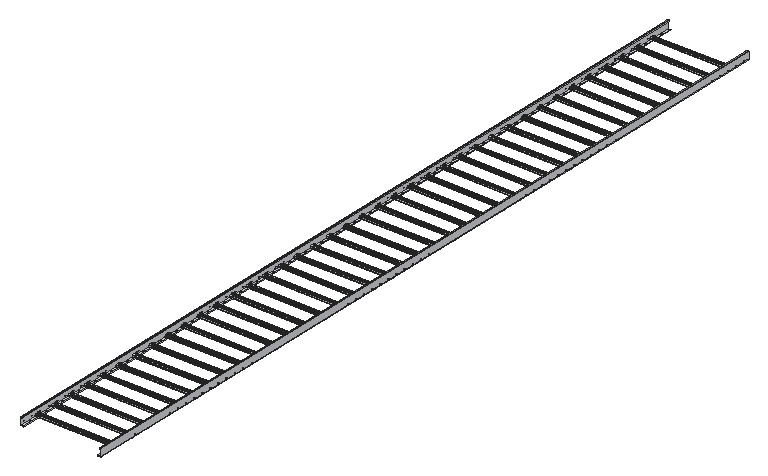
Revit family "Kabelleiter LG 60, 6 m VS FT", category Generic Models, Revit 2017 (continued)
Dimensions and locks
  locked: Extrusion 913 sketch curve to plane 2316 at 8.5
  locked: plane 2318 to plane 2317 at 57.5
  locked: Extrusion 914 sketch curve to Extrusion 914 sketch curve at 11
  locked: plane 2317 to Extrusion 914 sketch curve at 5.5
  locked: Extrusion 914 sketch curve to plane 2319 at 8.5
  locked: plane 2321 to plane 2320 at 57.5
  locked: Extrusion 915 sketch curve to Extrusion 915 sketch curve at 11
  locked: plane 2320 to Extrusion 915 sketch curve at 5.5
  locked: Extrusion 915 sketch curve to plane 2322 at 8.5
  locked: plane 2324 to plane 2323 at 57.5
  locked: Extrusion 916 sketch curve to Extrusion 916 sketch curve at 11
  locked: plane 2323 to Extrusion 916 sketch curve at 5.5
  locked: Extrusion 916 sketch curve to plane 2325 at 8.5
  locked: plane 2327 to plane 2326 at 57.5
  locked: Extrusion 917 sketch curve to Extrusion 917 sketch curve at 11
  locked: plane 2326 to Extrusion 917 sketch curve at 5.5
  locked: Extrusion 917 sketch curve to plane 2328 at 8.5
  locked: plane 2330 to plane 2329 at 57.5
  locked: Extrusion 918 sketch curve to Extrusion 918 sketch curve at 11
  locked: plane 2329 to Extrusion 918 sketch curve at 5.5
  locked: Extrusion 918 sketch curve to plane 2331 at 8.5
  locked: plane 2333 to plane 2332 at 57.5
  locked: Extrusion 919 sketch curve to Extrusion 919 sketch curve at 11
  locked: plane 2332 to Extrusion 919 sketch curve at 5.5
  locked: Extrusion 919 sketch curve to plane 2334 at 8.5
  locked: plane 2336 to plane 2335 at 57.5
  locked: Extrusion 920 sketch curve to Extrusion 920 sketch curve at 11
  locked: plane 2335 to Extrusion 920 sketch curve at 5.5
  locked: Extrusion 920 sketch curve to plane 2337 at 8.5
  locked: plane 2339 to plane 2338 at 57.5
  locked: Extrusion 921 sketch curve to Extrusion 921 sketch curve at 11
  locked: plane 2338 to Extrusion 921 sketch curve at 5.5
  locked: Extrusion 921 sketch curve to plane 2340 at 8.5
  locked: plane 2342 to plane 2341 at 57.5
  locked: Extrusion 922 sketch curve to Extrusion 922 sketch curve at 11
  locked: plane 2341 to Extrusion 922 sketch curve at 5.5
  locked: Extrusion 922 sketch curve to plane 2343 at 8.5
  locked: plane 2345 to plane 2344 at 57.5
  locked: Extrusion 923 sketch curve to Extrusion 923 sketch curve at 11
  locked: plane 2344 to Extrusion 923 sketch curve at 5.5
  locked: Extrusion 923 sketch curve to plane 2346 at 8.5
  locked: plane 2348 to plane 2347 at 57.5
  locked: Extrusion 924 sketch curve to Extrusion 924 sketch curve at 11
  locked: plane 2347 to Extrusion 924 sketch curve at 5.5
  locked: Extrusion 924 sketch curve to plane 2349 at 8.5
  locked: plane 2351 to plane 2350 at 57.5
  locked: Extrusion 925 sketch curve to Extrusion 925 sketch curve at 11
  locked: plane 2350 to Extrusion 925 sketch curve at 5.5
  locked: Extrusion 925 sketch curve to plane 2352 at 8.5
  locked: plane 2354 to plane 2353 at 57.5
  locked: Extrusion 926 sketch curve to Extrusion 926 sketch curve at 11
  locked: plane 2353 to Extrusion 926 sketch curve at 5.5
  locked: Extrusion 926 sketch curve to plane 2355 at 8.5
  locked: plane 2357 to plane 2356 at 57.5
  locked: Extrusion 927 sketch curve to Extrusion 927 sketch curve at 11
  locked: plane 2356 to Extrusion 927 sketch curve at 5.5
  locked: Extrusion 927 sketch curve to plane 2358 at 8.5
  locked: plane 2360 to plane 2359 at 57.5
  locked: Extrusion 928 sketch curve to Extrusion 928 sketch curve at 11
  locked: plane 2359 to Extrusion 928 sketch curve at 5.5
  locked: Extrusion 928 sketch curve to plane 2361 at 8.5
  locked: plane 2363 to plane 2362 at 57.5
  locked: Extrusion 929 sketch curve to Extrusion 929 sketch curve at 11
  locked: plane 2362 to Extrusion 929 sketch curve at 5.5
  locked: Extrusion 929 sketch curve to plane 2364 at 8.5
  locked: plane 2366 to plane 2365 at 57.5
  locked: Extrusion 930 sketch curve to Extrusion 930 sketch curve at 11
  locked: plane 2365 to Extrusion 930 sketch curve at 5.5
  locked: Extrusion 930 sketch curve to plane 2367 at 8.5
  locked: plane 2369 to plane 2368 at 57.5
  locked: Extrusion 931 sketch curve to Extrusion 931 sketch curve at 11
  locked: plane 2368 to Extrusion 931 sketch curve at 5.5
  locked: Extrusion 931 sketch curve to plane 2370 at 8.5
  locked: plane 2372 to plane 2371 at 57.5
  locked: Extrusion 932 sketch curve to Extrusion 932 sketch curve at 11
  locked: plane 2371 to Extrusion 932 sketch curve at 5.5
  locked: Extrusion 932 sketch curve to plane 2373 at 8.5
  locked: plane 2375 to plane 2374 at 57.5
  locked: Extrusion 933 sketch curve to Extrusion 933 sketch curve at 11
  locked: plane 2374 to Extrusion 933 sketch curve at 5.5
  locked: Extrusion 933 sketch curve to plane 2376 at 8.5
  locked: plane 2378 to plane 2377 at 57.5
  locked: Extrusion 934 sketch curve to Extrusion 934 sketch curve at 11
  locked: plane 2377 to Extrusion 934 sketch curve at 5.5
  locked: Extrusion 934 sketch curve to plane 2379 at 8.5
  locked: plane 2381 to plane 2380 at 57.5
  locked: Extrusion 935 sketch curve to Extrusion 935 sketch curve at 11
  locked: plane 2380 to Extrusion 935 sketch curve at 5.5
  locked: Extrusion 935 sketch curve to plane 2382 at 8.5
  locked: plane 2384 to plane 2383 at 57.5
  locked: Extrusion 936 sketch curve to Extrusion 936 sketch curve at 11
  locked: plane 2383 to Extrusion 936 sketch curve at 5.5
  locked: Extrusion 936 sketch curve to plane 2385 at 8.5
  locked: Extrusion 937 sketch curve to Extrusion 937 sketch curve at 7
  locked: Extrusion 937 sketch curve to plane 2386 at 3.5
  locked: Extrusion 938 sketch curve to Extrusion 938 sketch curve at 7
  locked: Extrusion 938 sketch curve to plane 2388 at 3.5
  locked: Extrusion 939 sketch curve to Extrusion 939 sketch curve at 7
  locked: Extrusion 939 sketch curve to plane 2390 at 3.5
  locked: Extrusion 940 sketch curve to Extrusion 940 sketch curve at 7
  locked: Extrusion 940 sketch curve to plane 2392 at 3.5
  locked: Extrusion 941 sketch curve to Extrusion 941 sketch curve at 7
  locked: Extrusion 941 sketch curve to plane 2394 at 3.5
  locked: Extrusion 942 sketch curve to Extrusion 942 sketch curve at 7
  locked: Extrusion 942 sketch curve to plane 2396 at 3.5
  locked: Extrusion 943 sketch curve to Extrusion 943 sketch curve at 7
  locked: Extrusion 943 sketch curve to plane 2398 at 3.5
  locked: Extrusion 944 sketch curve to Extrusion 944 sketch curve at 7
  locked: Extrusion 944 sketch curve to plane 2400 at 3.5
  locked: Extrusion 945 sketch curve to Extrusion 945 sketch curve at 7
  locked: Extrusion 945 sketch curve to plane 2402 at 3.5
  locked: Extrusion 946 sketch curve to Extrusion 946 sketch curve at 7
  locked: Extrusion 946 sketch curve to plane 2404 at 3.5
  locked: Extrusion 947 sketch curve to Extrusion 947 sketch curve at 7
  locked: Extrusion 947 sketch curve to plane 2406 at 3.5
  locked: Extrusion 948 sketch curve to Extrusion 948 sketch curve at 7
  locked: Extrusion 948 sketch curve to plane 2408 at 3.5
  locked: Extrusion 949 sketch curve to Extrusion 949 sketch curve at 7
  locked: Extrusion 949 sketch curve to plane 2410 at 3.5
  locked: Extrusion 950 sketch curve to Extrusion 950 sketch curve at 7
  locked: Extrusion 950 sketch curve to plane 2412 at 3.5
  locked: Extrusion 951 sketch curve to Extrusion 951 sketch curve at 7
  locked: Extrusion 951 sketch curve to plane 2414 at 3.5
  locked: Extrusion 952 sketch curve to Extrusion 952 sketch curve at 7
  locked: Extrusion 952 sketch curve to plane 2416 at 3.5
  locked: Extrusion 953 sketch curve to Extrusion 953 sketch curve at 7
  locked: Extrusion 953 sketch curve to plane 2418 at 3.5
  locked: Extrusion 954 sketch curve to Extrusion 954 sketch curve at 7
  locked: Extrusion 954 sketch curve to plane 2420 at 3.5
  locked: Extrusion 955 sketch curve to Extrusion 955 sketch curve at 7
  locked: Extrusion 955 sketch curve to plane 2422 at 3.5
  locked: Extrusion 956 sketch curve to Extrusion 956 sketch curve at 7
  locked: Extrusion 956 sketch curve to plane 2424 at 3.5
  locked: Extrusion 957 sketch curve to Extrusion 957 sketch curve at 7
  locked: Extrusion 957 sketch curve to plane 2426 at 3.5
  locked: Extrusion 958 sketch curve to Extrusion 958 sketch curve at 7
  locked: Extrusion 958 sketch curve to plane 2428 at 3.5
  locked: Extrusion 959 sketch curve to Extrusion 959 sketch curve at 7
  locked: Extrusion 959 sketch curve to plane 2430 at 3.5
  locked: Extrusion 960 sketch curve to Extrusion 960 sketch curve at 7
  locked: Extrusion 960 sketch curve to plane 2432 at 3.5
  locked: Extrusion 961 sketch curve to Extrusion 961 sketch curve at 7
  locked: Extrusion 961 sketch curve to plane 2434 at 3.5
  locked: Extrusion 962 sketch curve to Extrusion 962 sketch curve at 7
  locked: Extrusion 962 sketch curve to plane 2436 at 3.5
  locked: Extrusion 963 sketch curve to Extrusion 963 sketch curve at 7
  locked: Extrusion 963 sketch curve to plane 2438 at 3.5
  locked: Extrusion 964 sketch curve to Extrusion 964 sketch curve at 7
  locked: Extrusion 964 sketch curve to plane 2440 at 3.5
  locked: Extrusion 965 sketch curve to Extrusion 965 sketch curve at 7
  locked: Extrusion 965 sketch curve to plane 2442 at 3.5
  locked: Extrusion 966 sketch curve to Extrusion 966 sketch curve at 7
  locked: Extrusion 966 sketch curve to plane 2444 at 3.5
  locked: Extrusion 967 sketch curve to Extrusion 967 sketch curve at 7
  locked: Extrusion 967 sketch curve to plane 2446 at 3.5
  locked: Extrusion 968 sketch curve to Extrusion 968 sketch curve at 7
  locked: Extrusion 968 sketch curve to plane 2448 at 3.5
  locked: Extrusion 969 sketch curve to Extrusion 969 sketch curve at 7
  locked: Extrusion 969 sketch curve to plane 2450 at 3.5
  locked: Extrusion 970 sketch curve to Extrusion 970 sketch curve at 7
  locked: Extrusion 970 sketch curve to plane 2452 at 3.5
  locked: Extrusion 971 sketch curve to Extrusion 971 sketch curve at 7
  locked: Extrusion 971 sketch curve to plane 2454 at 3.5
  locked: Extrusion 972 sketch curve to Extrusion 972 sketch curve at 7
  locked: Extrusion 972 sketch curve to plane 2456 at 3.5
  locked: Extrusion 973 sketch curve to Extrusion 973 sketch curve at 7
  locked: Extrusion 973 sketch curve to plane 2458 at 3.5
  locked: plane 2461 to plane 2460 at 57.5
  locked: Extrusion 974 sketch curve to Extrusion 974 sketch curve at 11
  locked: plane 2460 to Extrusion 974 sketch curve at 5.5
  locked: Extrusion 974 sketch curve to plane 2462 at 8.5
  locked: plane 2464 to plane 2463 at 57.5
  locked: Extrusion 975 sketch curve to Extrusion 975 sketch curve at 11
  locked: plane 2463 to Extrusion 975 sketch curve at 5.5
  locked: Extrusion 975 sketch curve to plane 2465 at 8.5
  locked: plane 2467 to plane 2466 at 57.5
  locked: Extrusion 976 sketch curve to Extrusion 976 sketch curve at 11
  locked: plane 2466 to Extrusion 976 sketch curve at 5.5
  locked: Extrusion 976 sketch curve to plane 2468 at 8.5
  locked: plane 2470 to plane 2469 at 57.5
  locked: Extrusion 977 sketch curve to Extrusion 977 sketch curve at 11
  locked: plane 2469 to Extrusion 977 sketch curve at 5.5
  locked: Extrusion 977 sketch curve to plane 2471 at 8.5
  locked: plane 2473 to plane 2472 at 57.5
  locked: Extrusion 978 sketch curve to Extrusion 978 sketch curve at 11
  locked: plane 2472 to Extrusion 978 sketch curve at 5.5
  locked: Extrusion 978 sketch curve to plane 2474 at 8.5
  locked: plane 2476 to plane 2475 at 57.5
  locked: Extrusion 979 sketch curve to Extrusion 979 sketch curve at 11
  locked: plane 2475 to Extrusion 979 sketch curve at 5.5
  locked: Extrusion 979 sketch curve to plane 2477 at 8.5
  locked: plane 2479 to plane 2478 at 57.5
  locked: Extrusion 980 sketch curve to Extrusion 980 sketch curve at 11
  locked: plane 2478 to Extrusion 980 sketch curve at 5.5
  locked: Extrusion 980 sketch curve to plane 2480 at 8.5
  locked: plane 2482 to plane 2481 at 57.5
  locked: Extrusion 981 sketch curve to Extrusion 981 sketch curve at 11
  locked: plane 2481 to Extrusion 981 sketch curve at 5.5
  locked: Extrusion 981 sketch curve to plane 2483 at 8.5
  locked: plane 2485 to plane 2484 at 57.5
  locked: Extrusion 982 sketch curve to Extrusion 982 sketch curve at 11
  locked: plane 2484 to Extrusion 982 sketch curve at 5.5
  locked: Extrusion 982 sketch curve to plane 2486 at 8.5
  locked: plane 2488 to plane 2487 at 57.5
  locked: Extrusion 983 sketch curve to Extrusion 983 sketch curve at 11
  locked: plane 2487 to Extrusion 983 sketch curve at 5.5
  locked: Extrusion 983 sketch curve to plane 2489 at 8.5
  locked: plane 2491 to plane 2490 at 57.5
  locked: Extrusion 984 sketch curve to Extrusion 984 sketch curve at 11
  locked: plane 2490 to Extrusion 984 sketch curve at 5.5
  locked: Extrusion 984 sketch curve to plane 2492 at 8.5
  locked: plane 2494 to plane 2493 at 57.5
  locked: Extrusion 985 sketch curve to Extrusion 985 sketch curve at 11
  locked: plane 2493 to Extrusion 985 sketch curve at 5.5
  locked: Extrusion 985 sketch curve to plane 2495 at 8.5
  locked: plane 2497 to plane 2496 at 57.5
  locked: Extrusion 986 sketch curve to Extrusion 986 sketch curve at 11
  locked: plane 2496 to Extrusion 986 sketch curve at 5.5
  locked: Extrusion 986 sketch curve to plane 2498 at 8.5
  locked: plane 2500 to plane 2499 at 57.5
  locked: Extrusion 987 sketch curve to Extrusion 987 sketch curve at 11
  locked: plane 2499 to Extrusion 987 sketch curve at 5.5
  locked: Extrusion 987 sketch curve to plane 2501 at 8.5
  locked: plane 2503 to plane 2502 at 57.5
  locked: Extrusion 988 sketch curve to Extrusion 988 sketch curve at 11
  locked: plane 2502 to Extrusion 988 sketch curve at 5.5
  locked: Extrusion 988 sketch curve to plane 2504 at 8.5
  locked: plane 2506 to plane 2505 at 57.5
  locked: Extrusion 989 sketch curve to Extrusion 989 sketch curve at 11
  locked: plane 2505 to Extrusion 989 sketch curve at 5.5
  locked: Extrusion 989 sketch curve to plane 2507 at 8.5
  locked: plane 2509 to plane 2508 at 57.5
  locked: Extrusion 990 sketch curve to Extrusion 990 sketch curve at 11
  locked: plane 2508 to Extrusion 990 sketch curve at 5.5
  locked: Extrusion 990 sketch curve to plane 2510 at 8.5
  locked: plane 2512 to plane 2511 at 57.5
  locked: Extrusion 991 sketch curve to Extrusion 991 sketch curve at 11
  locked: plane 2511 to Extrusion 991 sketch curve at 5.5
  locked: Extrusion 991 sketch curve to plane 2513 at 8.5
  locked: plane 2515 to plane 2514 at 57.5
  locked: Extrusion 992 sketch curve to Extrusion 992 sketch curve at 11
  locked: plane 2514 to Extrusion 992 sketch curve at 5.5
  locked: Extrusion 992 sketch curve to plane 2516 at 8.5
  locked: plane 2518 to plane 2517 at 57.5
  locked: Extrusion 993 sketch curve to Extrusion 993 sketch curve at 11
  locked: plane 2517 to Extrusion 993 sketch curve at 5.5
  locked: Extrusion 993 sketch curve to plane 2519 at 8.5
  locked: plane 2521 to plane 2520 at 57.5
  locked: Extrusion 994 sketch curve to Extrusion 994 sketch curve at 11
  locked: plane 2520 to Extrusion 994 sketch curve at 5.5
  locked: Extrusion 994 sketch curve to plane 2522 at 8.5
  locked: plane 2524 to plane 2523 at 57.5
  locked: Extrusion 995 sketch curve to Extrusion 995 sketch curve at 11
  locked: plane 2523 to Extrusion 995 sketch curve at 5.5
  locked: Extrusion 995 sketch curve to plane 2525 at 8.5
  locked: plane 2527 to plane 2526 at 57.5
  locked: Extrusion 996 sketch curve to Extrusion 996 sketch curve at 11
  locked: plane 2526 to Extrusion 996 sketch curve at 5.5
  locked: Extrusion 996 sketch curve to plane 2528 at 8.5
  locked: plane 2530 to plane 2529 at 57.5
  locked: Extrusion 997 sketch curve to Extrusion 997 sketch curve at 11
  locked: plane 2529 to Extrusion 997 sketch curve at 5.5
  locked: Extrusion 997 sketch curve to plane 2531 at 8.5
  locked: plane 2533 to plane 2532 at 57.5
  locked: Extrusion 998 sketch curve to Extrusion 998 sketch curve at 11
  locked: plane 2532 to Extrusion 998 sketch curve at 5.5
  locked: Extrusion 998 sketch curve to plane 2534 at 8.5
  locked: plane 2536 to plane 2535 at 57.5
  locked: Extrusion 999 sketch curve to Extrusion 999 sketch curve at 11
  locked: plane 2535 to Extrusion 999 sketch curve at 5.5
  locked: Extrusion 999 sketch curve to plane 2537 at 8.5
  locked: plane 2539 to plane 2538 at 57.5
  locked: Extrusion 1000 sketch curve to Extrusion 1000 sketch curve at 11
  locked: plane 2538 to Extrusion 1000 sketch curve at 5.5
  locked: Extrusion 1000 sketch curve to plane 2540 at 8.5
  locked: plane 2542 to plane 2541 at 57.5
  locked: Extrusion 1001 sketch curve to Extrusion 1001 sketch curve at 11
  locked: plane 2541 to Extrusion 1001 sketch curve at 5.5
  locked: Extrusion 1001 sketch curve to plane 2543 at 8.5
  locked: plane 2545 to plane 2544 at 57.5
  locked: Extrusion 1002 sketch curve to Extrusion 1002 sketch curve at 11
  locked: plane 2544 to Extrusion 1002 sketch curve at 5.5
  locked: Extrusion 1002 sketch curve to plane 2546 at 8.5
  locked: plane 2548 to plane 2547 at 57.5
  locked: Extrusion 1003 sketch curve to Extrusion 1003 sketch curve at 11
  locked: plane 2547 to Extrusion 1003 sketch curve at 5.5
  locked: Extrusion 1003 sketch curve to plane 2549 at 8.5
  locked: plane 2551 to plane 2550 at 57.5
  locked: Extrusion 1004 sketch curve to Extrusion 1004 sketch curve at 11
  locked: plane 2550 to Extrusion 1004 sketch curve at 5.5
  locked: Extrusion 1004 sketch curve to plane 2552 at 8.5
  locked: plane 2554 to plane 2553 at 57.5
  locked: Extrusion 1005 sketch curve to Extrusion 1005 sketch curve at 11
  locked: plane 2553 to Extrusion 1005 sketch curve at 5.5
  locked: Extrusion 1005 sketch curve to plane 2555 at 8.5
  locked: plane 2557 to plane 2556 at 57.5
  locked: Extrusion 1006 sketch curve to Extrusion 1006 sketch curve at 11
  locked: plane 2556 to Extrusion 1006 sketch curve at 5.5
  locked: Extrusion 1006 sketch curve to plane 2558 at 8.5
  locked: plane 2560 to plane 2559 at 57.5
  locked: Extrusion 1007 sketch curve to Extrusion 1007 sketch curve at 11
  locked: plane 2559 to Extrusion 1007 sketch curve at 5.5
  locked: Extrusion 1007 sketch curve to plane 2561 at 8.5
  locked: plane 2563 to plane 2562 at 57.5
  locked: Extrusion 1008 sketch curve to Extrusion 1008 sketch curve at 11
  locked: plane 2562 to Extrusion 1008 sketch curve at 5.5
  locked: Extrusion 1008 sketch curve to plane 2564 at 8.5
  locked: plane 2566 to plane 2565 at 57.5
  locked: Extrusion 1009 sketch curve to Extrusion 1009 sketch curve at 11
  locked: plane 2565 to Extrusion 1009 sketch curve at 5.5
  locked: Extrusion 1009 sketch curve to plane 2567 at 8.5
  locked: plane 2569 to plane 2568 at 57.5
  locked: Extrusion 1010 sketch curve to Extrusion 1010 sketch curve at 11
  locked: plane 2568 to Extrusion 1010 sketch curve at 5.5
  locked: Extrusion 1010 sketch curve to plane 2570 at 8.5
  locked: Extrusion 1011 sketch curve to Extrusion 1011 sketch curve at 7
  locked: Extrusion 1011 sketch curve to plane 2571 at 3.5
  locked: Extrusion 1012 sketch curve to Extrusion 1012 sketch curve at 7
  locked: Extrusion 1012 sketch curve to plane 2573 at 3.5
  locked: Extrusion 1013 sketch curve to Extrusion 1013 sketch curve at 7
  locked: Extrusion 1013 sketch curve to plane 2575 at 3.5
  locked: Extrusion 1014 sketch curve to Extrusion 1014 sketch curve at 7
  locked: Extrusion 1014 sketch curve to plane 2577 at 3.5
  locked: Extrusion 1015 sketch curve to Extrusion 1015 sketch curve at 7
  locked: Extrusion 1015 sketch curve to plane 2579 at 3.5
  locked: Extrusion 1016 sketch curve to Extrusion 1016 sketch curve at 7
  locked: Extrusion 1016 sketch curve to plane 2581 at 3.5
  locked: Extrusion 1017 sketch curve to Extrusion 1017 sketch curve at 7
  locked: Extrusion 1017 sketch curve to plane 2583 at 3.5
  locked: Extrusion 1018 sketch curve to Extrusion 1018 sketch curve at 7
  locked: Extrusion 1018 sketch curve to plane 2585 at 3.5
  locked: Extrusion 1019 sketch curve to Extrusion 1019 sketch curve at 7
  locked: Extrusion 1019 sketch curve to plane 2587 at 3.5
  locked: Extrusion 1020 sketch curve to Extrusion 1020 sketch curve at 7
  locked: Extrusion 1020 sketch curve to plane 2589 at 3.5
  locked: Extrusion 1021 sketch curve to Extrusion 1021 sketch curve at 7
  locked: Extrusion 1021 sketch curve to plane 2591 at 3.5
  locked: Extrusion 1022 sketch curve to Extrusion 1022 sketch curve at 7
  locked: Extrusion 1022 sketch curve to plane 2593 at 3.5
  locked: Extrusion 1023 sketch curve to Extrusion 1023 sketch curve at 7
  locked: Extrusion 1023 sketch curve to plane 2595 at 3.5
  locked: Extrusion 1024 sketch curve to Extrusion 1024 sketch curve at 7
  locked: Extrusion 1024 sketch curve to plane 2597 at 3.5
  locked: Extrusion 1025 sketch curve to Extrusion 1025 sketch curve at 7
  locked: Extrusion 1025 sketch curve to plane 2599 at 3.5
  locked: Extrusion 1026 sketch curve to Extrusion 1026 sketch curve at 7
  locked: Extrusion 1026 sketch curve to plane 2601 at 3.5
  locked: Extrusion 1027 sketch curve to Extrusion 1027 sketch curve at 7
  locked: Extrusion 1027 sketch curve to plane 2603 at 3.5
  locked: Extrusion 1028 sketch curve to Extrusion 1028 sketch curve at 7
  locked: Extrusion 1028 sketch curve to plane 2605 at 3.5
  locked: Extrusion 1029 sketch curve to Extrusion 1029 sketch curve at 7
  locked: Extrusion 1029 sketch curve to plane 2607 at 3.5
  locked: Extrusion 1030 sketch curve to Extrusion 1030 sketch curve at 7
  locked: Extrusion 1030 sketch curve to plane 2609 at 3.5
  locked: Extrusion 1031 sketch curve to Extrusion 1031 sketch curve at 7
  locked: Extrusion 1031 sketch curve to plane 2611 at 3.5
  locked: Extrusion 1032 sketch curve to Extrusion 1032 sketch curve at 7
  locked: Extrusion 1032 sketch curve to plane 2613 at 3.5
  locked: Extrusion 1033 sketch curve to Extrusion 1033 sketch curve at 7
  locked: Extrusion 1033 sketch curve to plane 2615 at 3.5
  locked: Extrusion 1034 sketch curve to Extrusion 1034 sketch curve at 7
  locked: Extrusion 1034 sketch curve to plane 2617 at 3.5
  locked: Extrusion 1035 sketch curve to Extrusion 1035 sketch curve at 7
  locked: Extrusion 1035 sketch curve to plane 2619 at 3.5
  locked: Extrusion 1036 sketch curve to Extrusion 1036 sketch curve at 7
  locked: Extrusion 1036 sketch curve to plane 2621 at 3.5
  locked: Extrusion 1037 sketch curve to Extrusion 1037 sketch curve at 7
  locked: Extrusion 1037 sketch curve to plane 2623 at 3.5
  locked: Extrusion 1038 sketch curve to Extrusion 1038 sketch curve at 7
  locked: Extrusion 1038 sketch curve to plane 2625 at 3.5
  locked: Extrusion 1039 sketch curve to Extrusion 1039 sketch curve at 7
  locked: Extrusion 1039 sketch curve to plane 2627 at 3.5
  locked: Extrusion 1040 sketch curve to Extrusion 1040 sketch curve at 7
  locked: Extrusion 1040 sketch curve to plane 2629 at 3.5
  locked: Extrusion 1041 sketch curve to Extrusion 1041 sketch curve at 7
  locked: Extrusion 1041 sketch curve to plane 2631 at 3.5
  locked: Extrusion 1042 sketch curve to Extrusion 1042 sketch curve at 7
  locked: Extrusion 1042 sketch curve to plane 2633 at 3.5
  locked: Extrusion 1043 sketch curve to Extrusion 1043 sketch curve at 7
  locked: Extrusion 1043 sketch curve to plane 2635 at 3.5
  locked: Extrusion 1044 sketch curve to Extrusion 1044 sketch curve at 7
  locked: Extrusion 1044 sketch curve to plane 2637 at 3.5
  locked: Extrusion 1045 sketch curve to Extrusion 1045 sketch curve at 7
  locked: Extrusion 1045 sketch curve to plane 2639 at 3.5
  locked: Extrusion 1046 sketch curve to Extrusion 1046 sketch curve at 7
  locked: Extrusion 1046 sketch curve to plane 2641 at 3.5
  locked: Extrusion 1047 sketch curve to Extrusion 1047 sketch curve at 7
  locked: Extrusion 1047 sketch curve to plane 2643 at 3.5
  locked: plane 2646 to plane 2645 at 57.5
  locked: Extrusion 1048 sketch curve to Extrusion 1048 sketch curve at 11
  locked: plane 2645 to Extrusion 1048 sketch curve at 5.5
  locked: Extrusion 1048 sketch curve to plane 2647 at 8.5
  locked: plane 2649 to plane 2648 at 57.5
  locked: Extrusion 1049 sketch curve to Extrusion 1049 sketch curve at 11
  locked: plane 2648 to Extrusion 1049 sketch curve at 5.5
  locked: Extrusion 1049 sketch curve to plane 2650 at 8.5
  locked: plane 2652 to plane 2651 at 57.5
  locked: Extrusion 1050 sketch curve to Extrusion 1050 sketch curve at 11
  locked: plane 2651 to Extrusion 1050 sketch curve at 5.5
  locked: Extrusion 1050 sketch curve to plane 2653 at 8.5
  locked: plane 2655 to plane 2654 at 57.5
  locked: Extrusion 1051 sketch curve to Extrusion 1051 sketch curve at 11
  locked: plane 2654 to Extrusion 1051 sketch curve at 5.5
  locked: Extrusion 1051 sketch curve to plane 2656 at 8.5
  locked: plane 2658 to plane 2657 at 57.5
  locked: Extrusion 1052 sketch curve to Extrusion 1052 sketch curve at 11
  locked: plane 2657 to Extrusion 1052 sketch curve at 5.5
  locked: Extrusion 1052 sketch curve to plane 2659 at 8.5
  locked: plane 2661 to plane 2660 at 57.5
  locked: Extrusion 1053 sketch curve to Extrusion 1053 sketch curve at 11
  locked: plane 2660 to Extrusion 1053 sketch curve at 5.5
  locked: Extrusion 1053 sketch curve to plane 2662 at 8.5
  locked: plane 2664 to plane 2663 at 57.5
  locked: Extrusion 1054 sketch curve to Extrusion 1054 sketch curve at 11
  locked: plane 2663 to Extrusion 1054 sketch curve at 5.5
  locked: Extrusion 1054 sketch curve to plane 2665 at 8.5
  locked: plane 2667 to plane 2666 at 57.5
  locked: Extrusion 1055 sketch curve to Extrusion 1055 sketch curve at 11
  locked: plane 2666 to Extrusion 1055 sketch curve at 5.5
  locked: Extrusion 1055 sketch curve to plane 2668 at 8.5
  locked: plane 2670 to plane 2669 at 57.5
  locked: Extrusion 1056 sketch curve to Extrusion 1056 sketch curve at 11
  locked: plane 2669 to Extrusion 1056 sketch curve at 5.5
  locked: Extrusion 1056 sketch curve to plane 2671 at 8.5
  locked: plane 2673 to plane 2672 at 57.5
  locked: Extrusion 1057 sketch curve to Extrusion 1057 sketch curve at 11
  locked: plane 2672 to Extrusion 1057 sketch curve at 5.5
  locked: Extrusion 1057 sketch curve to plane 2674 at 8.5
  locked: plane 2676 to plane 2675 at 57.5
  locked: Extrusion 1058 sketch curve to Extrusion 1058 sketch curve at 11
  locked: plane 2675 to Extrusion 1058 sketch curve at 5.5
  locked: Extrusion 1058 sketch curve to plane 2677 at 8.5
  locked: plane 2679 to plane 2678 at 57.5
  locked: Extrusion 1059 sketch curve to Extrusion 1059 sketch curve at 11
  locked: plane 2678 to Extrusion 1059 sketch curve at 5.5
  locked: Extrusion 1059 sketch curve to plane 2680 at 8.5
  locked: plane 2682 to plane 2681 at 57.5
  locked: Extrusion 1060 sketch curve to Extrusion 1060 sketch curve at 11
  locked: plane 2681 to Extrusion 1060 sketch curve at 5.5
  locked: Extrusion 1060 sketch curve to plane 2683 at 8.5
  locked: plane 2685 to plane 2684 at 57.5
  locked: Extrusion 1061 sketch curve to Extrusion 1061 sketch curve at 11
  locked: plane 2684 to Extrusion 1061 sketch curve at 5.5
  locked: Extrusion 1061 sketch curve to plane 2686 at 8.5
  locked: plane 2688 to plane 2687 at 57.5
  locked: Extrusion 1062 sketch curve to Extrusion 1062 sketch curve at 11
  locked: plane 2687 to Extrusion 1062 sketch curve at 5.5
  locked: Extrusion 1062 sketch curve to plane 2689 at 8.5
  locked: plane 2691 to plane 2690 at 57.5
  locked: Extrusion 1063 sketch curve to Extrusion 1063 sketch curve at 11
  locked: plane 2690 to Extrusion 1063 sketch curve at 5.5
  locked: Extrusion 1063 sketch curve to plane 2692 at 8.5
  locked: plane 2694 to plane 2693 at 57.5
  locked: Extrusion 1064 sketch curve to Extrusion 1064 sketch curve at 11
  locked: plane 2693 to Extrusion 1064 sketch curve at 5.5
  locked: Extrusion 1064 sketch curve to plane 2695 at 8.5
  locked: plane 2697 to plane 2696 at 57.5
  locked: Extrusion 1065 sketch curve to Extrusion 1065 sketch curve at 11
  locked: plane 2696 to Extrusion 1065 sketch curve at 5.5
  locked: Extrusion 1065 sketch curve to plane 2698 at 8.5
  locked: plane 2700 to plane 2699 at 57.5
  locked: Extrusion 1066 sketch curve to Extrusion 1066 sketch curve at 11
  locked: plane 2699 to Extrusion 1066 sketch curve at 5.5
  locked: Extrusion 1066 sketch curve to plane 2701 at 8.5
  locked: plane 2703 to plane 2702 at 57.5
  locked: Extrusion 1067 sketch curve to Extrusion 1067 sketch curve at 11
  locked: plane 2702 to Extrusion 1067 sketch curve at 5.5
  locked: Extrusion 1067 sketch curve to plane 2704 at 8.5
  locked: plane 2706 to plane 2705 at 57.5
  locked: Extrusion 1068 sketch curve to Extrusion 1068 sketch curve at 11
  locked: plane 2705 to Extrusion 1068 sketch curve at 5.5
  locked: Extrusion 1068 sketch curve to plane 2707 at 8.5
  locked: plane 2709 to plane 2708 at 57.5
  locked: Extrusion 1069 sketch curve to Extrusion 1069 sketch curve at 11
  locked: plane 2708 to Extrusion 1069 sketch curve at 5.5
  locked: Extrusion 1069 sketch curve to plane 2710 at 8.5
  locked: plane 2712 to plane 2711 at 57.5
  locked: Extrusion 1070 sketch curve to Extrusion 1070 sketch curve at 11
  locked: plane 2711 to Extrusion 1070 sketch curve at 5.5
  locked: Extrusion 1070 sketch curve to plane 2713 at 8.5
  locked: plane 2715 to plane 2714 at 57.5
  locked: Extrusion 1071 sketch curve to Extrusion 1071 sketch curve at 11
  locked: plane 2714 to Extrusion 1071 sketch curve at 5.5
  locked: Extrusion 1071 sketch curve to plane 2716 at 8.5
  locked: plane 2718 to plane 2717 at 57.5
  locked: Extrusion 1072 sketch curve to Extrusion 1072 sketch curve at 11
  locked: plane 2717 to Extrusion 1072 sketch curve at 5.5
  locked: Extrusion 1072 sketch curve to plane 2719 at 8.5
  locked: plane 2721 to plane 2720 at 57.5
  locked: Extrusion 1073 sketch curve to Extrusion 1073 sketch curve at 11
  locked: plane 2720 to Extrusion 1073 sketch curve at 5.5
  locked: Extrusion 1073 sketch curve to plane 2722 at 8.5
  locked: plane 2724 to plane 2723 at 57.5
  locked: Extrusion 1074 sketch curve to Extrusion 1074 sketch curve at 11
  locked: plane 2723 to Extrusion 1074 sketch curve at 5.5
  locked: Extrusion 1074 sketch curve to plane 2725 at 8.5
  locked: plane 2727 to plane 2726 at 57.5
  locked: Extrusion 1075 sketch curve to Extrusion 1075 sketch curve at 11
  locked: plane 2726 to Extrusion 1075 sketch curve at 5.5
  locked: Extrusion 1075 sketch curve to plane 2728 at 8.5
  locked: plane 2730 to plane 2729 at 57.5
  locked: Extrusion 1076 sketch curve to Extrusion 1076 sketch curve at 11
  locked: plane 2729 to Extrusion 1076 sketch curve at 5.5
  locked: Extrusion 1076 sketch curve to plane 2731 at 8.5
  locked: plane 2733 to plane 2732 at 57.5
  locked: Extrusion 1077 sketch curve to Extrusion 1077 sketch curve at 11
  locked: plane 2732 to Extrusion 1077 sketch curve at 5.5
  locked: Extrusion 1077 sketch curve to plane 2734 at 8.5
  locked: plane 2736 to plane 2735 at 57.5
  locked: Extrusion 1078 sketch curve to Extrusion 1078 sketch curve at 11
  locked: plane 2735 to Extrusion 1078 sketch curve at 5.5
  locked: Extrusion 1078 sketch curve to plane 2737 at 8.5
  locked: plane 2739 to plane 2738 at 57.5
  locked: Extrusion 1079 sketch curve to Extrusion 1079 sketch curve at 11
  locked: plane 2738 to Extrusion 1079 sketch curve at 5.5
  locked: Extrusion 1079 sketch curve to plane 2740 at 8.5
  locked: plane 2742 to plane 2741 at 57.5
  locked: Extrusion 1080 sketch curve to Extrusion 1080 sketch curve at 11
  locked: plane 2741 to Extrusion 1080 sketch curve at 5.5
  locked: Extrusion 1080 sketch curve to plane 2743 at 8.5
  locked: plane 2745 to plane 2744 at 57.5
  locked: Extrusion 1081 sketch curve to Extrusion 1081 sketch curve at 11
  locked: plane 2744 to Extrusion 1081 sketch curve at 5.5
  locked: Extrusion 1081 sketch curve to plane 2746 at 8.5
  locked: plane 2748 to plane 2747 at 57.5
  locked: Extrusion 1082 sketch curve to Extrusion 1082 sketch curve at 11
  locked: plane 2747 to Extrusion 1082 sketch curve at 5.5
  locked: Extrusion 1082 sketch curve to plane 2749 at 8.5
  locked: plane 2751 to plane 2750 at 57.5
  locked: Extrusion 1083 sketch curve to Extrusion 1083 sketch curve at 11
  locked: plane 2750 to Extrusion 1083 sketch curve at 5.5
  locked: Extrusion 1083 sketch curve to plane 2752 at 8.5
  locked: plane 2754 to plane 2753 at 57.5
  locked: Extrusion 1084 sketch curve to Extrusion 1084 sketch curve at 11
  locked: plane 2753 to Extrusion 1084 sketch curve at 5.5
  locked: Extrusion 1084 sketch curve to plane 2755 at 8.5
  locked: Extrusion 1085 sketch curve to Extrusion 1085 sketch curve at 7
  locked: Extrusion 1085 sketch curve to plane 2756 at 3.5
  locked: Extrusion 1086 sketch curve to Extrusion 1086 sketch curve at 7
  locked: Extrusion 1086 sketch curve to plane 2758 at 3.5
  locked: Extrusion 1087 sketch curve to Extrusion 1087 sketch curve at 7
  locked: Extrusion 1087 sketch curve to plane 2760 at 3.5
  locked: Extrusion 1088 sketch curve to Extrusion 1088 sketch curve at 7
  locked: Extrusion 1088 sketch curve to plane 2762 at 3.5
  locked: Extrusion 1089 sketch curve to Extrusion 1089 sketch curve at 7
  locked: Extrusion 1089 sketch curve to plane 2764 at 3.5
  locked: Extrusion 1090 sketch curve to Extrusion 1090 sketch curve at 7
  locked: Extrusion 1090 sketch curve to plane 2766 at 3.5
  locked: Extrusion 1091 sketch curve to Extrusion 1091 sketch curve at 7
  locked: Extrusion 1091 sketch curve to plane 2768 at 3.5
  locked: Extrusion 1092 sketch curve to Extrusion 1092 sketch curve at 7
  locked: Extrusion 1092 sketch curve to plane 2770 at 3.5
  locked: Extrusion 1093 sketch curve to Extrusion 1093 sketch curve at 7
  locked: Extrusion 1093 sketch curve to plane 2772 at 3.5
  locked: Extrusion 1094 sketch curve to Extrusion 1094 sketch curve at 7
  locked: Extrusion 1094 sketch curve to plane 2774 at 3.5
  locked: Extrusion 1095 sketch curve to Extrusion 1095 sketch curve at 7
  locked: Extrusion 1095 sketch curve to plane 2776 at 3.5
  locked: Extrusion 1096 sketch curve to Extrusion 1096 sketch curve at 7
  locked: Extrusion 1096 sketch curve to plane 2778 at 3.5
  locked: Extrusion 1097 sketch curve to Extrusion 1097 sketch curve at 7
  locked: Extrusion 1097 sketch curve to plane 2780 at 3.5
  locked: Extrusion 1098 sketch curve to Extrusion 1098 sketch curve at 7
  locked: Extrusion 1098 sketch curve to plane 2782 at 3.5
  locked: Extrusion 1099 sketch curve to Extrusion 1099 sketch curve at 7
  locked: Extrusion 1099 sketch curve to plane 2784 at 3.5
  locked: Extrusion 1100 sketch curve to Extrusion 1100 sketch curve at 7
  locked: Extrusion 1100 sketch curve to plane 2786 at 3.5
  locked: Extrusion 1101 sketch curve to Extrusion 1101 sketch curve at 7
  locked: Extrusion 1101 sketch curve to plane 2788 at 3.5
  locked: Extrusion 1102 sketch curve to Extrusion 1102 sketch curve at 7
  locked: Extrusion 1102 sketch curve to plane 2790 at 3.5
  locked: Extrusion 1103 sketch curve to Extrusion 1103 sketch curve at 7
  locked: Extrusion 1103 sketch curve to plane 2792 at 3.5
  locked: Extrusion 1104 sketch curve to Extrusion 1104 sketch curve at 7
  locked: Extrusion 1104 sketch curve to plane 2794 at 3.5
  locked: Extrusion 1105 sketch curve to Extrusion 1105 sketch curve at 7
  locked: Extrusion 1105 sketch curve to plane 2796 at 3.5
  locked: Extrusion 1106 sketch curve to Extrusion 1106 sketch curve at 7
  locked: Extrusion 1106 sketch curve to plane 2798 at 3.5
  locked: Extrusion 1107 sketch curve to Extrusion 1107 sketch curve at 7
  locked: Extrusion 1107 sketch curve to plane 2800 at 3.5
  locked: Extrusion 1108 sketch curve to Extrusion 1108 sketch curve at 7
  locked: Extrusion 1108 sketch curve to plane 2802 at 3.5
  locked: Extrusion 1109 sketch curve to Extrusion 1109 sketch curve at 7
  locked: Extrusion 1109 sketch curve to plane 2804 at 3.5
  locked: Extrusion 1110 sketch curve to Extrusion 1110 sketch curve at 7
  locked: Extrusion 1110 sketch curve to plane 2806 at 3.5
  locked: Extrusion 1111 sketch curve to Extrusion 1111 sketch curve at 7
  locked: Extrusion 1111 sketch curve to plane 2808 at 3.5
  locked: Extrusion 1112 sketch curve to Extrusion 1112 sketch curve at 7
  locked: Extrusion 1112 sketch curve to plane 2810 at 3.5
  locked: Extrusion 1113 sketch curve to Extrusion 1113 sketch curve at 7
  locked: Extrusion 1113 sketch curve to plane 2812 at 3.5
  locked: Extrusion 1114 sketch curve to Extrusion 1114 sketch curve at 7
  locked: Extrusion 1114 sketch curve to plane 2814 at 3.5
  locked: Extrusion 1115 sketch curve to Extrusion 1115 sketch curve at 7
  locked: Extrusion 1115 sketch curve to plane 2816 at 3.5
  locked: Extrusion 1116 sketch curve to Extrusion 1116 sketch curve at 7
  locked: Extrusion 1116 sketch curve to plane 2818 at 3.5
  locked: Extrusion 1117 sketch curve to Extrusion 1117 sketch curve at 7
  locked: Extrusion 1117 sketch curve to plane 2820 at 3.5
  locked: Extrusion 1118 sketch curve to Extrusion 1118 sketch curve at 7
  locked: Extrusion 1118 sketch curve to plane 2822 at 3.5
  locked: Extrusion 1119 sketch curve to Extrusion 1119 sketch curve at 7
  locked: Extrusion 1119 sketch curve to plane 2824 at 3.5
  locked: Extrusion 1120 sketch curve to Extrusion 1120 sketch curve at 7
  locked: Extrusion 1120 sketch curve to plane 2826 at 3.5
  locked: Extrusion 1121 sketch curve to Extrusion 1121 sketch curve at 7
  locked: Extrusion 1121 sketch curve to plane 2828 at 3.5
  locked: plane 2831 to plane 2830 at 57.5
  locked: Extrusion 1122 sketch curve to Extrusion 1122 sketch curve at 11
  locked: plane 2830 to Extrusion 1122 sketch curve at 5.5
  locked: Extrusion 1122 sketch curve to plane 2832 at 8.5
  locked: plane 2834 to plane 2833 at 57.5
  locked: Extrusion 1123 sketch curve to Extrusion 1123 sketch curve at 11
  locked: plane 2833 to Extrusion 1123 sketch curve at 5.5
  locked: Extrusion 1123 sketch curve to plane 2835 at 8.5
  locked: plane 2837 to plane 2836 at 57.5
  locked: Extrusion 1124 sketch curve to Extrusion 1124 sketch curve at 11
  locked: plane 2836 to Extrusion 1124 sketch curve at 5.5
  locked: Extrusion 1124 sketch curve to plane 2838 at 8.5
  locked: plane 2840 to plane 2839 at 57.5
  locked: Extrusion 1125 sketch curve to Extrusion 1125 sketch curve at 11
  locked: plane 2839 to Extrusion 1125 sketch curve at 5.5
  locked: Extrusion 1125 sketch curve to plane 2841 at 8.5
  locked: plane 2843 to plane 2842 at 57.5
  locked: Extrusion 1126 sketch curve to Extrusion 1126 sketch curve at 11
  locked: plane 2842 to Extrusion 1126 sketch curve at 5.5
  locked: Extrusion 1126 sketch curve to plane 2844 at 8.5
  locked: plane 2846 to plane 2845 at 57.5
  locked: Extrusion 1127 sketch curve to Extrusion 1127 sketch curve at 11
  locked: plane 2845 to Extrusion 1127 sketch curve at 5.5
  locked: Extrusion 1127 sketch curve to plane 2847 at 8.5
  locked: plane 2849 to plane 2848 at 57.5
  locked: Extrusion 1128 sketch curve to Extrusion 1128 sketch curve at 11
  locked: plane 2848 to Extrusion 1128 sketch curve at 5.5
  locked: Extrusion 1128 sketch curve to plane 2850 at 8.5
  locked: plane 2852 to plane 2851 at 57.5
  locked: Extrusion 1129 sketch curve to Extrusion 1129 sketch curve at 11
  locked: plane 2851 to Extrusion 1129 sketch curve at 5.5
  locked: Extrusion 1129 sketch curve to plane 2853 at 8.5
  locked: plane 2855 to plane 2854 at 57.5
  locked: Extrusion 1130 sketch curve to Extrusion 1130 sketch curve at 11
  locked: plane 2854 to Extrusion 1130 sketch curve at 5.5
  locked: Extrusion 1130 sketch curve to plane 2856 at 8.5
  locked: plane 2858 to plane 2857 at 57.5
  locked: Extrusion 1131 sketch curve to Extrusion 1131 sketch curve at 11
  locked: plane 2857 to Extrusion 1131 sketch curve at 5.5
  locked: Extrusion 1131 sketch curve to plane 2859 at 8.5
  locked: plane 2861 to plane 2860 at 57.5
  locked: Extrusion 1132 sketch curve to Extrusion 1132 sketch curve at 11
  locked: plane 2860 to Extrusion 1132 sketch curve at 5.5
  locked: Extrusion 1132 sketch curve to plane 2862 at 8.5
  locked: plane 2864 to plane 2863 at 57.5
  locked: Extrusion 1133 sketch curve to Extrusion 1133 sketch curve at 11
  locked: plane 2863 to Extrusion 1133 sketch curve at 5.5
  locked: Extrusion 1133 sketch curve to plane 2865 at 8.5
  locked: plane 2867 to plane 2866 at 57.5
  locked: Extrusion 1134 sketch curve to Extrusion 1134 sketch curve at 11
  locked: plane 2866 to Extrusion 1134 sketch curve at 5.5
  locked: Extrusion 1134 sketch curve to plane 2868 at 8.5
  locked: plane 2870 to plane 2869 at 57.5
  locked: Extrusion 1135 sketch curve to Extrusion 1135 sketch curve at 11
  locked: plane 2869 to Extrusion 1135 sketch curve at 5.5
  locked: Extrusion 1135 sketch curve to plane 2871 at 8.5
  locked: plane 2873 to plane 2872 at 57.5
  locked: Extrusion 1136 sketch curve to Extrusion 1136 sketch curve at 11
  locked: plane 2872 to Extrusion 1136 sketch curve at 5.5
  locked: Extrusion 1136 sketch curve to plane 2874 at 8.5
  locked: plane 2876 to plane 2875 at 57.5
  locked: Extrusion 1137 sketch curve to Extrusion 1137 sketch curve at 11
  locked: plane 2875 to Extrusion 1137 sketch curve at 5.5
  locked: Extrusion 1137 sketch curve to plane 2877 at 8.5
  locked: plane 2879 to plane 2878 at 57.5
  locked: Extrusion 1138 sketch curve to Extrusion 1138 sketch curve at 11
  locked: plane 2878 to Extrusion 1138 sketch curve at 5.5
  locked: Extrusion 1138 sketch curve to plane 2880 at 8.5
  locked: plane 2882 to plane 2881 at 57.5
  locked: Extrusion 1139 sketch curve to Extrusion 1139 sketch curve at 11
  locked: plane 2881 to Extrusion 1139 sketch curve at 5.5
  locked: Extrusion 1139 sketch curve to plane 2883 at 8.5
  locked: plane 2885 to plane 2884 at 57.5
  locked: Extrusion 1140 sketch curve to Extrusion 1140 sketch curve at 11
  locked: plane 2884 to Extrusion 1140 sketch curve at 5.5
  locked: Extrusion 1140 sketch curve to plane 2886 at 8.5
  locked: plane 2888 to plane 2887 at 57.5
  locked: Extrusion 1141 sketch curve to Extrusion 1141 sketch curve at 11
  locked: plane 2887 to Extrusion 1141 sketch curve at 5.5
  locked: Extrusion 1141 sketch curve to plane 2889 at 8.5
  locked: plane 2891 to plane 2890 at 57.5
  locked: Extrusion 1142 sketch curve to Extrusion 1142 sketch curve at 11
  locked: plane 2890 to Extrusion 1142 sketch curve at 5.5
  locked: Extrusion 1142 sketch curve to plane 2892 at 8.5
  locked: plane 2894 to plane 2893 at 57.5
  locked: Extrusion 1143 sketch curve to Extrusion 1143 sketch curve at 11
  locked: plane 2893 to Extrusion 1143 sketch curve at 5.5
  locked: Extrusion 1143 sketch curve to plane 2895 at 8.5
  locked: plane 2897 to plane 2896 at 57.5
  locked: Extrusion 1144 sketch curve to Extrusion 1144 sketch curve at 11
  locked: plane 2896 to Extrusion 1144 sketch curve at 5.5
  locked: Extrusion 1144 sketch curve to plane 2898 at 8.5
  locked: plane 2900 to plane 2899 at 57.5
  locked: Extrusion 1145 sketch curve to Extrusion 1145 sketch curve at 11
  locked: plane 2899 to Extrusion 1145 sketch curve at 5.5
  locked: Extrusion 1145 sketch curve to plane 2901 at 8.5
  locked: plane 2903 to plane 2902 at 57.5
  locked: Extrusion 1146 sketch curve to Extrusion 1146 sketch curve at 11
  locked: plane 2902 to Extrusion 1146 sketch curve at 5.5
  locked: Extrusion 1146 sketch curve to plane 2904 at 8.5
  locked: plane 2906 to plane 2905 at 57.5
  locked: Extrusion 1147 sketch curve to Extrusion 1147 sketch curve at 11
  locked: plane 2905 to Extrusion 1147 sketch curve at 5.5
  locked: Extrusion 1147 sketch curve to plane 2907 at 8.5
  locked: plane 2909 to plane 2908 at 57.5
  locked: Extrusion 1148 sketch curve to Extrusion 1148 sketch curve at 11
  locked: plane 2908 to Extrusion 1148 sketch curve at 5.5
  locked: Extrusion 1148 sketch curve to plane 2910 at 8.5
  locked: plane 2912 to plane 2911 at 57.5
  locked: Extrusion 1149 sketch curve to Extrusion 1149 sketch curve at 11
  locked: plane 2911 to Extrusion 1149 sketch curve at 5.5
  locked: Extrusion 1149 sketch curve to plane 2913 at 8.5
  locked: plane 2915 to plane 2914 at 57.5
  locked: Extrusion 1150 sketch curve to Extrusion 1150 sketch curve at 11
  locked: plane 2914 to Extrusion 1150 sketch curve at 5.5
  locked: Extrusion 1150 sketch curve to plane 2916 at 8.5
  locked: plane 2918 to plane 2917 at 57.5
  locked: Extrusion 1151 sketch curve to Extrusion 1151 sketch curve at 11
  locked: plane 2917 to Extrusion 1151 sketch curve at 5.5
  locked: Extrusion 1151 sketch curve to plane 2919 at 8.5
  locked: plane 2921 to plane 2920 at 57.5
  locked: Extrusion 1152 sketch curve to Extrusion 1152 sketch curve at 11
  locked: plane 2920 to Extrusion 1152 sketch curve at 5.5
  locked: Extrusion 1152 sketch curve to plane 2922 at 8.5
  locked: plane 2924 to plane 2923 at 57.5
  locked: Extrusion 1153 sketch curve to Extrusion 1153 sketch curve at 11
  locked: plane 2923 to Extrusion 1153 sketch curve at 5.5
  locked: Extrusion 1153 sketch curve to plane 2925 at 8.5
  locked: plane 2927 to plane 2926 at 57.5
  locked: Extrusion 1154 sketch curve to Extrusion 1154 sketch curve at 11
  locked: plane 2926 to Extrusion 1154 sketch curve at 5.5
  locked: Extrusion 1154 sketch curve to plane 2928 at 8.5
  locked: plane 2930 to plane 2929 at 57.5
  locked: Extrusion 1155 sketch curve to Extrusion 1155 sketch curve at 11
  locked: plane 2929 to Extrusion 1155 sketch curve at 5.5
  locked: Extrusion 1155 sketch curve to plane 2931 at 8.5
  locked: plane 2933 to plane 2932 at 57.5
  locked: Extrusion 1156 sketch curve to Extrusion 1156 sketch curve at 11
  locked: plane 2932 to Extrusion 1156 sketch curve at 5.5
  locked: Extrusion 1156 sketch curve to plane 2934 at 8.5
  locked: plane 2936 to plane 2935 at 57.5
  locked: Extrusion 1157 sketch curve to Extrusion 1157 sketch curve at 11
  locked: plane 2935 to Extrusion 1157 sketch curve at 5.5
  locked: Extrusion 1157 sketch curve to plane 2937 at 8.5
  locked: plane 2939 to plane 2938 at 57.5
  locked: Extrusion 1158 sketch curve to Extrusion 1158 sketch curve at 11
  locked: plane 2938 to Extrusion 1158 sketch curve at 5.5
  locked: Extrusion 1158 sketch curve to plane 2940 at 8.5
  locked: Extrusion 1159 sketch curve to Extrusion 1159 sketch curve at 7
  locked: Extrusion 1159 sketch curve to plane 2941 at 3.5
  locked: Extrusion 1160 sketch curve to Extrusion 1160 sketch curve at 7
  locked: Extrusion 1160 sketch curve to plane 2943 at 3.5
  locked: Extrusion 1161 sketch curve to Extrusion 1161 sketch curve at 7
  locked: Extrusion 1161 sketch curve to plane 2945 at 3.5
  locked: Extrusion 1162 sketch curve to Extrusion 1162 sketch curve at 7
  locked: Extrusion 1162 sketch curve to plane 2947 at 3.5
  locked: Extrusion 1163 sketch curve to Extrusion 1163 sketch curve at 7
  locked: Extrusion 1163 sketch curve to plane 2949 at 3.5
  locked: Extrusion 1164 sketch curve to Extrusion 1164 sketch curve at 7
  locked: Extrusion 1164 sketch curve to plane 2951 at 3.5
  locked: Extrusion 1165 sketch curve to Extrusion 1165 sketch curve at 7
  locked: Extrusion 1165 sketch curve to plane 2953 at 3.5
  locked: Extrusion 1166 sketch curve to Extrusion 1166 sketch curve at 7
  locked: Extrusion 1166 sketch curve to plane 2955 at 3.5
  locked: Extrusion 1167 sketch curve to Extrusion 1167 sketch curve at 7
  locked: Extrusion 1167 sketch curve to plane 2957 at 3.5
  locked: Extrusion 1168 sketch curve to Extrusion 1168 sketch curve at 7
  locked: Extrusion 1168 sketch curve to plane 2959 at 3.5
  locked: Extrusion 1169 sketch curve to Extrusion 1169 sketch curve at 7
  locked: Extrusion 1169 sketch curve to plane 2961 at 3.5
  locked: Extrusion 1170 sketch curve to Extrusion 1170 sketch curve at 7
  locked: Extrusion 1170 sketch curve to plane 2963 at 3.5
  locked: Extrusion 1171 sketch curve to Extrusion 1171 sketch curve at 7
  locked: Extrusion 1171 sketch curve to plane 2965 at 3.5
  locked: Extrusion 1172 sketch curve to Extrusion 1172 sketch curve at 7
  locked: Extrusion 1172 sketch curve to plane 2967 at 3.5
  locked: Extrusion 1173 sketch curve to Extrusion 1173 sketch curve at 7
  locked: Extrusion 1173 sketch curve to plane 2969 at 3.5
  locked: Extrusion 1174 sketch curve to Extrusion 1174 sketch curve at 7
  locked: Extrusion 1174 sketch curve to plane 2971 at 3.5
  locked: Extrusion 1175 sketch curve to Extrusion 1175 sketch curve at 7
  locked: Extrusion 1175 sketch curve to plane 2973 at 3.5
  locked: Extrusion 1176 sketch curve to Extrusion 1176 sketch curve at 7
  locked: Extrusion 1176 sketch curve to plane 2975 at 3.5
  locked: Extrusion 1177 sketch curve to Extrusion 1177 sketch curve at 7
  locked: Extrusion 1177 sketch curve to plane 2977 at 3.5
  locked: Extrusion 1178 sketch curve to Extrusion 1178 sketch curve at 7
  locked: Extrusion 1178 sketch curve to plane 2979 at 3.5
  locked: Extrusion 1179 sketch curve to Extrusion 1179 sketch curve at 7
  locked: Extrusion 1179 sketch curve to plane 2981 at 3.5
  locked: Extrusion 1180 sketch curve to Extrusion 1180 sketch curve at 7
  locked: Extrusion 1180 sketch curve to plane 2983 at 3.5
  locked: Extrusion 1181 sketch curve to Extrusion 1181 sketch curve at 7
  locked: Extrusion 1181 sketch curve to plane 2985 at 3.5
  locked: Extrusion 1182 sketch curve to Extrusion 1182 sketch curve at 7
  locked: Extrusion 1182 sketch curve to plane 2987 at 3.5
  locked: Extrusion 1183 sketch curve to Extrusion 1183 sketch curve at 7
  locked: Extrusion 1183 sketch curve to plane 2989 at 3.5
  locked: Extrusion 1184 sketch curve to Extrusion 1184 sketch curve at 7
  locked: Extrusion 1184 sketch curve to plane 2991 at 3.5
  locked: Extrusion 1185 sketch curve to Extrusion 1185 sketch curve at 7
  locked: Extrusion 1185 sketch curve to plane 2993 at 3.5
  locked: Extrusion 1186 sketch curve to Extrusion 1186 sketch curve at 7
  locked: Extrusion 1186 sketch curve to plane 2995 at 3.5
  locked: Extrusion 1187 sketch curve to Extrusion 1187 sketch curve at 7
  locked: Extrusion 1187 sketch curve to plane 2997 at 3.5
  locked: Extrusion 1188 sketch curve to Extrusion 1188 sketch curve at 7
  locked: Extrusion 1188 sketch curve to plane 2999 at 3.5
  locked: Extrusion 1189 sketch curve to Extrusion 1189 sketch curve at 7
  locked: Extrusion 1189 sketch curve to plane 3001 at 3.5
  locked: Extrusion 1190 sketch curve to Extrusion 1190 sketch curve at 7
  locked: Extrusion 1190 sketch curve to plane 3003 at 3.5
  locked: Extrusion 1191 sketch curve to Extrusion 1191 sketch curve at 7
  locked: Extrusion 1191 sketch curve to plane 3005 at 3.5
  locked: Extrusion 1192 sketch curve to Extrusion 1192 sketch curve at 7
  locked: Extrusion 1192 sketch curve to plane 3007 at 3.5
  locked: Extrusion 1193 sketch curve to Extrusion 1193 sketch curve at 7
  locked: Extrusion 1193 sketch curve to plane 3009 at 3.5
  locked: Extrusion 1194 sketch curve to Extrusion 1194 sketch curve at 7
  locked: Extrusion 1194 sketch curve to plane 3011 at 3.5
  locked: Extrusion 1195 sketch curve to Extrusion 1195 sketch curve at 7
  locked: Extrusion 1195 sketch curve to plane 3013 at 3.5
  locked: plane 3016 to plane 3015 at 57.5
  locked: Extrusion 1196 sketch curve to Extrusion 1196 sketch curve at 11
  locked: plane 3015 to Extrusion 1196 sketch curve at 5.5
  locked: Extrusion 1196 sketch curve to plane 3017 at 8.5
  locked: plane 3019 to plane 3018 at 57.5
  locked: Extrusion 1197 sketch curve to Extrusion 1197 sketch curve at 11
  locked: plane 3018 to Extrusion 1197 sketch curve at 5.5
  locked: Extrusion 1197 sketch curve to plane 3020 at 8.5
  locked: plane 3022 to plane 3021 at 57.5
  locked: Extrusion 1198 sketch curve to Extrusion 1198 sketch curve at 11
  locked: plane 3021 to Extrusion 1198 sketch curve at 5.5
  locked: Extrusion 1198 sketch curve to plane 3023 at 8.5
  locked: plane 3025 to plane 3024 at 57.5
  locked: Extrusion 1199 sketch curve to Extrusion 1199 sketch curve at 11
  locked: plane 3024 to Extrusion 1199 sketch curve at 5.5
  locked: Extrusion 1199 sketch curve to plane 3026 at 8.5
  locked: plane 3028 to plane 3027 at 57.5
  locked: Extrusion 1200 sketch curve to Extrusion 1200 sketch curve at 11
  locked: plane 3027 to Extrusion 1200 sketch curve at 5.5
  locked: Extrusion 1200 sketch curve to plane 3029 at 8.5
  locked: plane 3031 to plane 3030 at 57.5
  locked: Extrusion 1201 sketch curve to Extrusion 1201 sketch curve at 11
  locked: plane 3030 to Extrusion 1201 sketch curve at 5.5
  locked: Extrusion 1201 sketch curve to plane 3032 at 8.5
  locked: plane 3034 to plane 3033 at 57.5
  locked: Extrusion 1202 sketch curve to Extrusion 1202 sketch curve at 11
  locked: plane 3033 to Extrusion 1202 sketch curve at 5.5
  locked: Extrusion 1202 sketch curve to plane 3035 at 8.5
  locked: plane 3037 to plane 3036 at 57.5
  locked: Extrusion 1203 sketch curve to Extrusion 1203 sketch curve at 11
  locked: plane 3036 to Extrusion 1203 sketch curve at 5.5
  locked: Extrusion 1203 sketch curve to plane 3038 at 8.5
  locked: plane 3040 to plane 3039 at 57.5
  locked: Extrusion 1204 sketch curve to Extrusion 1204 sketch curve at 11
  locked: plane 3039 to Extrusion 1204 sketch curve at 5.5
  locked: Extrusion 1204 sketch curve to plane 3041 at 8.5
  locked: plane 3043 to plane 3042 at 57.5
  locked: Extrusion 1205 sketch curve to Extrusion 1205 sketch curve at 11
  locked: plane 3042 to Extrusion 1205 sketch curve at 5.5
  locked: Extrusion 1205 sketch curve to plane 3044 at 8.5
  locked: plane 3046 to plane 3045 at 57.5
  locked: Extrusion 1206 sketch curve to Extrusion 1206 sketch curve at 11
  locked: plane 3045 to Extrusion 1206 sketch curve at 5.5
  locked: Extrusion 1206 sketch curve to plane 3047 at 8.5
  locked: plane 3049 to plane 3048 at 57.5
  locked: Extrusion 1207 sketch curve to Extrusion 1207 sketch curve at 11
  locked: plane 3048 to Extrusion 1207 sketch curve at 5.5
  locked: Extrusion 1207 sketch curve to plane 3050 at 8.5
  locked: plane 3052 to plane 3051 at 57.5
  locked: Extrusion 1208 sketch curve to Extrusion 1208 sketch curve at 11
  locked: plane 3051 to Extrusion 1208 sketch curve at 5.5
  locked: Extrusion 1208 sketch curve to plane 3053 at 8.5
  locked: plane 3055 to plane 3054 at 57.5
  locked: Extrusion 1209 sketch curve to Extrusion 1209 sketch curve at 11
  locked: plane 3054 to Extrusion 1209 sketch curve at 5.5
  locked: Extrusion 1209 sketch curve to plane 3056 at 8.5
  locked: plane 3058 to plane 3057 at 57.5
  locked: Extrusion 1210 sketch curve to Extrusion 1210 sketch curve at 11
  locked: plane 3057 to Extrusion 1210 sketch curve at 5.5
  locked: Extrusion 1210 sketch curve to plane 3059 at 8.5
  locked: plane 3061 to plane 3060 at 57.5
  locked: Extrusion 1211 sketch curve to Extrusion 1211 sketch curve at 11
  locked: plane 3060 to Extrusion 1211 sketch curve at 5.5
  locked: Extrusion 1211 sketch curve to plane 3062 at 8.5
  locked: plane 3064 to plane 3063 at 57.5
  locked: Extrusion 1212 sketch curve to Extrusion 1212 sketch curve at 11
  locked: plane 3063 to Extrusion 1212 sketch curve at 5.5
  locked: Extrusion 1212 sketch curve to plane 3065 at 8.5
  locked: plane 3067 to plane 3066 at 57.5
  locked: Extrusion 1213 sketch curve to Extrusion 1213 sketch curve at 11
  locked: plane 3066 to Extrusion 1213 sketch curve at 5.5
  locked: Extrusion 1213 sketch curve to plane 3068 at 8.5
  locked: plane 3070 to plane 3069 at 57.5
  locked: Extrusion 1214 sketch curve to Extrusion 1214 sketch curve at 11
  locked: plane 3069 to Extrusion 1214 sketch curve at 5.5
  locked: Extrusion 1214 sketch curve to plane 3071 at 8.5
  locked: plane 3073 to plane 3072 at 57.5
  locked: Extrusion 1215 sketch curve to Extrusion 1215 sketch curve at 11
  locked: plane 3072 to Extrusion 1215 sketch curve at 5.5
  locked: Extrusion 1215 sketch curve to plane 3074 at 8.5
  locked: plane 3076 to plane 3075 at 57.5
  locked: Extrusion 1216 sketch curve to Extrusion 1216 sketch curve at 11
  locked: plane 3075 to Extrusion 1216 sketch curve at 5.5
  locked: Extrusion 1216 sketch curve to plane 3077 at 8.5
  locked: plane 3079 to plane 3078 at 57.5
  locked: Extrusion 1217 sketch curve to Extrusion 1217 sketch curve at 11
  locked: plane 3078 to Extrusion 1217 sketch curve at 5.5
  locked: Extrusion 1217 sketch curve to plane 3080 at 8.5
  locked: plane 3082 to plane 3081 at 57.5
  locked: Extrusion 1218 sketch curve to Extrusion 1218 sketch curve at 11
  locked: plane 3081 to Extrusion 1218 sketch curve at 5.5
  locked: Extrusion 1218 sketch curve to plane 3083 at 8.5
  locked: plane 3085 to plane 3084 at 57.5
  locked: Extrusion 1219 sketch curve to Extrusion 1219 sketch curve at 11
  locked: plane 3084 to Extrusion 1219 sketch curve at 5.5
  locked: Extrusion 1219 sketch curve to plane 3086 at 8.5
  locked: plane 3088 to plane 3087 at 57.5
  locked: Extrusion 1220 sketch curve to Extrusion 1220 sketch curve at 11
  locked: plane 3087 to Extrusion 1220 sketch curve at 5.5
  locked: Extrusion 1220 sketch curve to plane 3089 at 8.5
  locked: plane 3091 to plane 3090 at 57.5
  locked: Extrusion 1221 sketch curve to Extrusion 1221 sketch curve at 11
  locked: plane 3090 to Extrusion 1221 sketch curve at 5.5
  locked: Extrusion 1221 sketch curve to plane 3092 at 8.5
  locked: plane 3094 to plane 3093 at 57.5
  locked: Extrusion 1222 sketch curve to Extrusion 1222 sketch curve at 11
  locked: plane 3093 to Extrusion 1222 sketch curve at 5.5
  locked: Extrusion 1222 sketch curve to plane 3095 at 8.5
  locked: plane 3097 to plane 3096 at 57.5
  locked: Extrusion 1223 sketch curve to Extrusion 1223 sketch curve at 11
  locked: plane 3096 to Extrusion 1223 sketch curve at 5.5
  locked: Extrusion 1223 sketch curve to plane 3098 at 8.5
  locked: plane 3100 to plane 3099 at 57.5
  locked: Extrusion 1224 sketch curve to Extrusion 1224 sketch curve at 11
  locked: plane 3099 to Extrusion 1224 sketch curve at 5.5
  locked: Extrusion 1224 sketch curve to plane 3101 at 8.5
  locked: plane 3103 to plane 3102 at 57.5
  locked: Extrusion 1225 sketch curve to Extrusion 1225 sketch curve at 11
  locked: plane 3102 to Extrusion 1225 sketch curve at 5.5
  locked: Extrusion 1225 sketch curve to plane 3104 at 8.5
  locked: plane 3106 to plane 3105 at 57.5
  locked: Extrusion 1226 sketch curve to Extrusion 1226 sketch curve at 11
  locked: plane 3105 to Extrusion 1226 sketch curve at 5.5
  locked: Extrusion 1226 sketch curve to plane 3107 at 8.5
  locked: plane 3109 to plane 3108 at 57.5
  locked: Extrusion 1227 sketch curve to Extrusion 1227 sketch curve at 11
  locked: plane 3108 to Extrusion 1227 sketch curve at 5.5
  locked: Extrusion 1227 sketch curve to plane 3110 at 8.5
  locked: plane 3112 to plane 3111 at 57.5
  locked: Extrusion 1228 sketch curve to Extrusion 1228 sketch curve at 11
  locked: plane 3111 to Extrusion 1228 sketch curve at 5.5
  locked: Extrusion 1228 sketch curve to plane 3113 at 8.5
  locked: plane 3115 to plane 3114 at 57.5
  locked: Extrusion 1229 sketch curve to Extrusion 1229 sketch curve at 11
  locked: plane 3114 to Extrusion 1229 sketch curve at 5.5
  locked: Extrusion 1229 sketch curve to plane 3116 at 8.5
  locked: plane 3118 to plane 3117 at 57.5
  locked: Extrusion 1230 sketch curve to Extrusion 1230 sketch curve at 11
  locked: plane 3117 to Extrusion 1230 sketch curve at 5.5
  locked: Extrusion 1230 sketch curve to plane 3119 at 8.5
  locked: plane 3121 to plane 3120 at 57.5
  locked: Extrusion 1231 sketch curve to Extrusion 1231 sketch curve at 11
